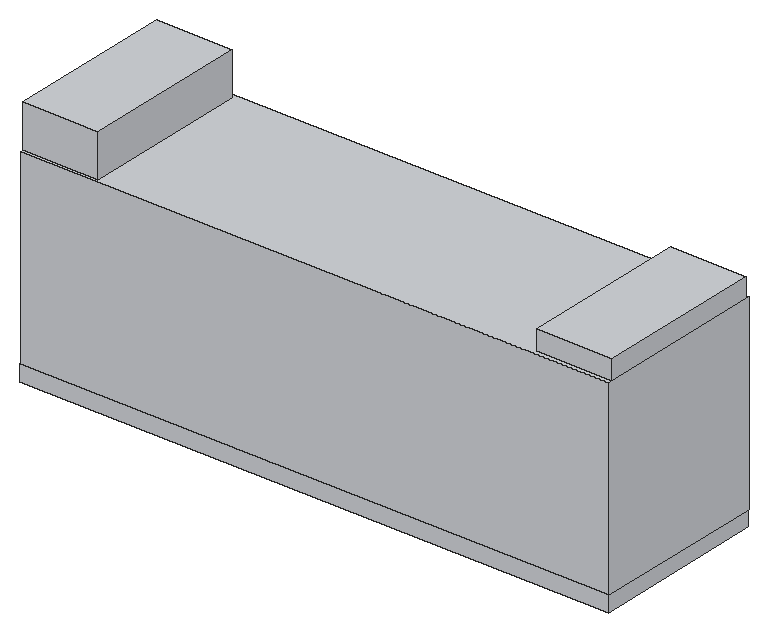
Revit family "KORF_ANR", category Оборудование, Revit 2022
Family settings
  Размер круглого соединителя = Использовать диаметр
  Тип детали = Нормальный
  Номер OmniClass = 23.75.00.00
  Заголовок OmniClass = Climate Control (HVAC)
  На основе рабочей плоскости = Нет
  Всегда вертикально = Да
  При загрузке вырезать с полостями = Нет
  Сохранять ориентацию аннотаций = Нет
  Общий = Нет
  Точка принадлежности помещению = Нет
Parameters (values of type "ANR8 L/K2U/P2/F4/N1.2/V1.0.P63.R-7,5x15/H1/Z2/P2")
  Отметка по умолчанию = 0 mm
  Коэффициент расхода [instance] = 1
  h = 120 mm
  c2 = 150 mm
  c1 = 325 mm
  b2 = 568 mm
  b1 = 568 mm
  a2 = 1268 mm
  a1 = 1268 mm
  H = 1440 mm
  B = 1320 mm
  ADSK_Частота вращения двигателя = 1440
  ADSK_Частота вращения вентилятора = 1440
  ADSK_Тип воздушного фильтра [instance] = "EU3"
  ADSK_Тепловая мощность [instance] = 112926 W
  ADSK_Температура воздуха на выходе из нагревателя [instance] = 12 °C
  ADSK_Температура воздуха на входе в нагреватель [instance] = -35 °C
  ADSK_Сопротивление воздушного фильтра [instance] = 120.0 Pa
  ADSK_Свободный напор жидкости [instance] = 0.0 Pa
  ADSK_Свободный напор воздуха [instance] = 420.0 Pa
  ADSK_Расход теплоносителя [instance] = 0.0 L/s
  ADSK_Расход воздуха [instance] = 0.0 m³/h
  ADSK_Потеря давления воздуха в нагревателе [instance] = 143.0 Pa
  ADSK_Номинальная мощность = 7500 W
  ADSK_Напряжение = 380 V
  ADSK_Наименование краткое = "ANR8 L/K2U/P2/F4/N1.2/V1.0.P63.R-7,5x15/H1/Z2/P2 [Напольная]"
  ADSK_Наименование = "Приточная установка ANR8 L/K2U/P2/F4/N1.2/V1.0.P63.R-7,5x15/H1/Z2/P2"
  ADSK_Масса_Текст = "787"
  ADSK_Марка = "ANR8"
  ADSK_Количество = 1
  ADSK_Код изделия = ""
  ADSK_Завод-изготовитель = "KORF"
  ADSK_Единица измерения = "шт."
  ADSK_Группирование = "10"  # constant formula
  A = 4450 mm
Types (5, lengths in mm): name | h | c1 | b2 | b1 | a2 | a1 | H | B | ADSK_Частота вращения двигателя | ADSK_Частота вращения вентилятора | ADSK_Тепловая мощность | ADSK_Температура воздуха на выходе из нагревателя | ADSK_Температура воздуха на входе в нагреватель | ADSK_Сопротивление воздушного фильтра | ADSK_Потеря давления воздуха в нагревателе | ADSK_Номинальная мощность | ADSK_Наименование краткое | ADSK_Наименование | ADSK_Масса_Текст | ADSK_Марка | A
  ANR6 L/K2U/P2/F4/N1.2/V1.0.P56.R-7,5x15/H1/Z2/P2 | 120 | 325 | 568 | 568 | 1068 | 1068 | 1100 | 1100 | 1440 | 1440 | 112926 W | 12 °C | -35 °C | 120.0 Pa | 143.0 Pa | 7500 W | "ANR6 L/K2U/P2/F4/N1.2/V1.0.P56.R-7,5x15/H1/Z2/P2 [Напольная]" | "Приточная установка ANR6 L/K2U/P2/F4/N1.2/V1.0.P56.R-7,5x15/H1/Z2/P2" | "621,6" | "ANR6" | 4450
  ANR8 L/K2U/P2/F4/N1.2/V1.0.P63.R-7,5x15/H1/Z2/P2 | 120 | 325 | 568 | 568 | 1268 | 1268 | 1440 | 1320 | 1440 | 1440 | 112926 W | 12 °C | -35 °C | 120.0 Pa | 143.0 Pa | 7500 W | "ANR8 L/K2U/P2/F4/N1.2/V1.0.P63.R-7,5x15/H1/Z2/P2 [Напольная]" | "Приточная установка ANR8 L/K2U/P2/F4/N1.2/V1.0.P63.R-7,5x15/H1/Z2/P2" | "787" | "ANR8" | 4450
  UTR 80-50 V1.40-4x30.R | 50 | 328 | 540 | 540 | 840 | 840 | 720 | 1010 | 2850 | 2850 | 0 W | 0 °C | 0 °C | 125.0 Pa | 0.0 Pa | 4000 W | "UTR 80-50 V1.40-4x30.R [Напольная]" | "Приточная установка UTR 80-50 V1.40-4x30.R [Напольная]" | "293" | "UTR 80-50" | 3730
  UTR 90-50 V1.40-4x30.R | 50 | 340 | 560 | 560 | 960 | 960 | 740 | 1125 | 2850 | 2850 | 0 W | 0 °C | 0 °C | 125.0 Pa | 0.0 Pa | 4000 W | "UTR 90-50 V1.40-4x30.R [Напольная]" | "Приточная установка UTR 90-50 V1.40-4x30.R [Напольная]" | "323" | "UTR 90-50" | 3770
  ANR6 P/K2U/P2/F4/V1.0.P45.R-7,5x30/H1/Z2/P2 | 120 | 325 | 568 | 568 | 1068 | 1068 | 1100 | 1100 | 2890 | 2890 | 112926 W | 12 °C | -35 °C | 120.0 Pa | 143.0 Pa | 7500 W | "ANR6 P/K2U/P2/F4/V1.0.P45.R-7,5x30/H1/Z2/P2 [Напольная]" | "Приточная установка ANR6 P/K2U/P2/F4/V1.0.P45.R-7,5x30/H1/Z2/P2 [Напольная]" | "506" | "ANR6" | 3875
Reference planes
  plane 1 "По центру (Вперед/Назад)": y = 0
  plane 2: z = 0
  plane 3 "По центру (Влево/Вправо)": x = 0
  plane 4: x = -2225
  plane 5: x = 2225
  plane 6: y = 660
  plane 7: y = -660
  plane 8: z = 1560
  plane 9 "Всас": z = 1885
  plane 10: z = 120
  plane 11: z = 1710
Forms (mm)
  Extrusion 1, solid
    sketch origin (0, 0, 0) x (1, 0, 0) y (0, 1, 0)
      loop
        line (-2225, 660) -> (-2225, -660) -> (2225, -660) -> (2225, 660) -> (-2225, 660)
    from 120 to 1560
  Extrusion 2, solid
    sketch origin (0, 0, 1885) x (-1, 0, 0) y (0, -1, 0)
      loop
        line (2225, -634) -> (2225, 634) -> (1657, 634) -> (1657, -634) -> (2225, -634)
    from 0 to -325
  Extrusion 3, solid
    sketch origin (3635, 0, 1885) x (-1, 0, 0) y (0, -1, 0)
      loop
        line (1978, -634) -> (1978, 634) -> (1410, 634) -> (1410, -634) -> (1978, -634)
    from -175 to -325
  Extrusion 4, solid
    sketch origin (0, 0, -200) x (1, 0, 0) y (0, 1, 0)
      loop
        line (-2225, 660) -> (-2225, -660) -> (2225, -660) -> (2225, 660) -> (-2225, 660)
    from 200 to 320
Dimensions and locks
  equal spacing: plane 4, plane 3 "По центру (Влево/Вправо)", plane 5
  "A": plane 4 to plane 5
  "B": plane 6 to plane 7
  equal spacing: plane 6, plane 1 "По центру (Вперед/Назад)", plane 7
  equal spacing: Extrusion 2 sketch curve, plane 1 "По центру (Вперед/Назад)", Extrusion 2 sketch curve
  "a1": Extrusion 2 sketch curve to Extrusion 2 sketch curve
  "b1": Extrusion 2 sketch curve to Extrusion 2 sketch curve
  Extrusion 3 sketch curve to Extrusion 3 sketch curve = 1268 mm
  "a2": Extrusion 3 sketch curve to Extrusion 3 sketch curve
  "b2": Extrusion 3 sketch curve to Extrusion 3 sketch curve
  "h": plane 10 to level
  "H": plane 8 to plane 10
  "c1": plane 9 "Всас" to plane 8
  "c2": plane 11 to plane 8
  equal spacing: Extrusion 3, plane 1 "По центру (Вперед/Назад)", Extrusion 3
  equal spacing: Extrusion 2, plane 1 "По центру (Вперед/Назад)", Extrusion 2
  aligned and locked: level to plane 2
  aligned and locked: Extrusion 1 sketch curve to plane 6
  aligned and locked: plane 4 to Extrusion 1 sketch curve
  aligned and locked: plane 7 to Extrusion 1 sketch curve
  aligned and locked: Extrusion 1 sketch curve to plane 5
  aligned and locked: plane 8 to Extrusion 1
  aligned and locked: plane 5 to Extrusion 3
  aligned and locked: Extrusion 3 to plane 8
  aligned and locked: Extrusion 2 to plane 8
  aligned and locked: Extrusion 4 to Extrusion 1
  aligned and locked: Extrusion 4 to level
  aligned and locked: plane 11 to Extrusion 3
  aligned and locked: Extrusion 1 to plane 10
  aligned and locked: plane 10 to Extrusion 4
Automatic sketch dimensions
  Extrusion 4 sketch curve to plane 4 = 0 mm
  Extrusion 4 sketch curve to plane 5 = 0 mm
  Extrusion 4 sketch curve to plane 7 = 0 mm
  Extrusion 4 sketch curve to plane 6 = 0 mm
  Extrusion 2 sketch curve to plane 4 = 0 mm
  Extrusion 3 sketch curve to plane 5 = 0 mm
  Extrusion 3 sketch curve to plane 6 = 26 mm
Nested families
  nested 1: "KORF_Автоматика" at (0, 0, 0), type "KORF_Автоматика"
    with ADSK_Расход воздуха 0.0 m³/h, ADSK_Наименование "Комплект автоматики"
Connectors
  hvac at (-1941, 0, 1885), driven by "a1", driven by "b1", driven by "ADSK_Расход воздуха", driven by "Коэффициент расхода"
    settings: on Extrusion 2, index 1, duct flow 0.0 m³/h, flow factor 1, pres drop 0.0 Pa, loss coef 0, conn angle 0.00°, conn width 568 mm, conn height 1268 mm, conn diameter 609.6 mm, duct sys type 28, conn prof type 1, flow config 0, flow direction 1, loss method 0, conn ref index 3, conn util no, is conn primary no, conn desc ""
  hvac at (1941, 0, 1710), driven by "a2", driven by "b2", driven by "ADSK_Расход воздуха", driven by "Коэффициент расхода"
    settings: on Extrusion 3, index 3, duct flow 0.0 m³/h, flow factor 1, pres drop 0.0 Pa, loss coef 0, conn angle 0.00°, conn width 568 mm, conn height 1268 mm, conn diameter 609.6 mm, duct sys type 1, conn prof type 1, flow config 0, flow direction 2, loss method 0, conn ref index 1, conn util no, is conn primary yes, conn desc ""
Definition of nested family "KORF_Автоматика"
  Parameters (values of type "KORF_Автоматика")
    Default Elevation = 0 mm
    h = 520 mm
    d = 710 mm
    B3 = 900 mm
    B = 1300 mm
    L = 20 mm
    ADSK_Расход воздуха [instance] = 0.0 m³/h
    ADSK_Наименование [instance] = "Комплект автоматики"
    ADSK_Марка = ""
    ADSK_Количество = 1
    ADSK_Завод-изготовитель = "KORF"  # constant formula
    ADSK_Единица измерения = "шт."  # constant formula
    ADSK_Группирование = "9.9"  # constant formula
  Reference planes
    plane 1 "По центру (Вперед/Назад)": y = 0
    plane 2: z = 0
    plane 3 "По центру (Влево/Вправо)": x = 0
  Lines and regions (mm)
    model lines
      curve 1: line (5, 32.698, 0) -> (-5, 32.698, 0)
      curve 2: line (-5, 32.698, 0) -> (-25.321, -35, 0)
      curve 3: line (5, 32.698, 0) -> (25.321, -35, 0)
      curve 4: line (17.817, -10, 0) -> (-17.817, -10, 0)
  Dimensions and locks
    aligned and locked: level to plane 2
